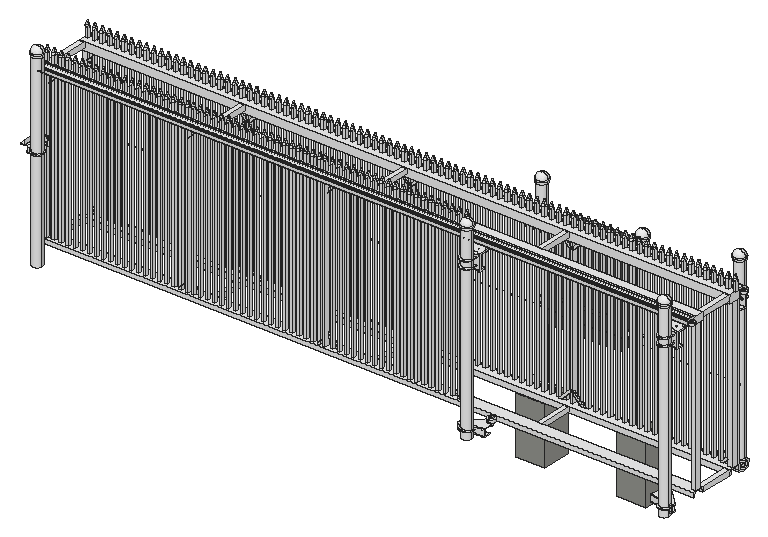
Revit family "Site-Fencing-Tymetal_Corp-Box_Frame_Cantilever_Slide_Gate-Ornamental-TYM-VS2-1", category Site, Revit 2015 (continued)
Definition of nested family "Fence - Picket at Cross"
  Automatic sketch dimensions
    plane 5 to Extrusion 4 sketch curve = 0' - 0.04498"
    Extrusion 4 sketch curve to Extrusion 4 sketch curve = 0' - 0.04592"
    plane 8 to Extrusion 4 sketch curve = 0' - 0 95/256"  (x2)
    plane 8 to Extrusion 4 sketch curve = 0' - 0.09607"
    plane 8 to Extrusion 4 sketch curve = 0' - 0.00005"
    Extrusion 4 sketch curve to plane 4 = 0' - 0 3/8"
    Extrusion 4 sketch curve to Extrusion 4 sketch curve = 0' - 0.08002"
    plane 5 to Extrusion 4 sketch curve = 0' - 0 3/8"
Definition of nested family "Fence - Box Frame"
  Parameters
    Tube Ends Width = 0' - 2"
    Primary Member Width = 2' - 0"
    Drive Chain = yes
    Barb Posts [instance] = Frame Length / 8' 7 249/256"  # 3
    Barb Height = 1' - 3"
    Frame Material = none
    Frame Length [instance] = 30' - 0"
    Frame Height Above Grade = 0' - 5"
    Frame Height = 6' - 6"
    Drive Chain Height = 2' - 10"
    Barb Arms and Wires = yes
  Reference planes (in)
    plane 1 "Center (Front/Back)": y = 0
    plane 2: z = 0
    plane 3 "Center (Left/Right)": x = 131
    plane 4: x = -49
    plane 5: x = 311
    plane 6: y = -1
    plane 7: y = 1
    plane 8: z = 78
    plane 9: z = 5
    plane 10: y = 12
    plane 11: y = -12
    plane 12: z = 39
    plane 13: x = -47
    plane 14: y = 10.4834
    plane 15: y = 8.4834
    plane 16: y = -10.5
    plane 17: y = -8.5
    plane 18: z = 93
    plane 19: x = 309
    plane 20: z = 89.25
    plane 21: z = 85.5
    plane 22: z = 81.75
    plane 23 "Wires": y = 9.4834
    plane 24: y = 7
    plane 25: y = -7
  Forms (in)
    Extrusion 1, solid, material <- "Frame Material"
      sketch origin (0, 0, 0) x (1, 0, 0) y (0, 0, 1)
        loop
          line (-49, 74.8125) -> (-49, 7) -> (-47, 7) -> (-47, 74.8125) -> (-49, 74.8125)
        loop
          line (311, 74.8125) -> (309, 74.8125) -> (309, 7) -> (311, 7) -> (311, 74.8125)
      from -10.4834 to -8.4834
    Extrusion 2, solid, material <- "Frame Material", detail levels coarse
      sketch origin (131, 0, 0) x (0, 1, 0) y (0, 0, 1)
        loop
          line (12, 5) -> (12, 7) -> (7, 7) -> (7, 5) -> (12, 5)
        loop
          line (-12, 7) -> (-12, 5) -> (-7, 5) -> (-7, 7) -> (-12, 7)
        loop
          line (12, 74.8125) -> (12, 78) -> (7, 78) -> (7, 74.8125) -> (12, 74.8125)
        loop
          line (-7, 78) -> (-12, 78) -> (-12, 74.8125) -> (-7, 74.8125) -> (-7, 78)
      from -180 to 180
    Extrusion 3, solid, material <- "Frame Material", detail levels medium+fine
      sketch origin (131, 0, 0) x (0, 1, 0) y (0, 0, 1)
        loop
          line (12, 78) -> (7, 78) -> (7, 74.8125) -> (12, 74.8125) -> (12, 75.718) -> (11.875, 75.718) -> (11.875, 76.156) -> (12, 76.156) -> (12, 78)
        loop
          line (12, 7) -> (7, 7) -> (7, 5) -> (7.20658, 5) -> (7.49397, 6.8125) -> (11.50603, 6.8125) -> (11.79342, 5) -> (12, 5) -> (12, 7)
        loop
          line (-12, 7) -> (-12, 5) -> (-11.79342, 5) -> (-11.50603, 6.8125) -> (-7.49397, 6.8125) -> (-7.20658, 5) -> (-7, 5) -> (-7, 7) -> (-12, 7)
        loop
          line (-12, 78) -> (-12, 76.156) -> (-11.875, 76.156) -> (-11.875, 75.718) -> (-12, 75.718) -> (-12, 74.8125) -> (-7, 74.8125) -> (-7, 78) -> (-12, 78)
      from -180 to 180
    Extrusion 4, solid, material <- "Frame Material"
      sketch origin (0, 0, 0) x (1, 0, 0) y (0, 0, 1)
        loop
          line (309, 74.8125) -> (309, 7) -> (311, 7) -> (311, 74.8125) -> (309, 74.8125)
        loop
          line (-49, 74.8125) -> (-49, 7) -> (-47, 7) -> (-47, 74.8125) -> (-49, 74.8125)
      from 8.5 to 10.5
    Sweep 5, solid, material <- "Frame Material", visible <- "Drive Chain", detail levels medium+fine
      path origin (0, 0, 0) x (1, 0, 0) y (0, 1, 0)
        loop
          line (-48, -10.5) -> (-48, -12.375)
          arc (-48, -12.375) -> (-47.42818, -13.75551) -> (-46.04767, -14.32733) r 1.95233
          line (-46.04767, -14.32733) -> (308.04767, -14.32733)
          arc (308.04767, -14.32733) -> (309.42818, -13.75551) -> (310, -12.375) r 1.95233
          line (310, -12.375) -> (310, -10.5)
      profile origin (131, -14.32733, 0) x (0, 1, 0) y (0, 0, 1)
        loop
          line (0, 39) -> (-0.125, 39) -> (-0.125, 38.93085) -> (0, 38.93085) -> (0, 39)
    Extrusion 6, solid, material <- "Frame Material", detail levels medium+fine
      sketch origin (131, 0, 0) x (0, 1, 0) y (0, 0, 1)
        loop
          line (7, 78) -> (-7, 78) -> (-7, 76) -> (7, 76) -> (7, 78)
        loop
          line (7, 5) -> (7, 7) -> (-7, 7) -> (-7, 5) -> (7, 5)
      from 178 to 180
    Extrusion 7, solid, material <- "Frame Material", detail levels medium+fine
      sketch origin (86, 0, 0) x (0, 1, 0) y (0, 0, -1)
        loop
          line (7, -78) -> (7, -76) -> (-7, -76) -> (-7, -78) -> (7, -78)
        loop
          line (7, -5) -> (-7, -5) -> (-7, -7) -> (7, -7) -> (7, -5)
      from 133 to 135
    Extrusion 8, solid, material <- "Frame Material", visible <- "Barb Arms and Wires", detail levels medium+fine
      sketch origin (131, 0, 0) x (0, 1, 0) y (0, 0, 1)
        loop
          circle (9.4834, 89.25) r 0.25
        loop
          circle (9.4834, 85.5) r 0.25
        loop
          circle (9.4834, 81.75) r 0.25
      from -178 to 178
  Lines and regions (in)
    Masking region 1
      outline origin (0, 0, 0) x (1, 0, 0) y (0, 1, 0)
        loop
          line (311, 12) -> (-49, 12) -> (-49, 7) -> (311, 7) -> (311, 12)
        loop
          line (311, -7) -> (-49, -7) -> (-49, -12) -> (311, -12) -> (311, -7)
    Masking region 2
      outline origin (0, 0, 0) x (1, 0, 0) y (0, 1, 0)
        loop
          line (-49, 7) -> (-49, -7) -> (-47, -7) -> (-47, 7) -> (-49, 7)
        loop
          line (309, 7) -> (309, -7) -> (311, -7) -> (311, 7) -> (309, 7)
    model lines, visible <- "Barb Arms and Wires", detail levels coarse
      curve 1: line (-47, 9.4834, 89.25) -> (309, 9.4834, 89.25)
      curve 2: line (-47, 9.4834, 85.5) -> (309, 9.4834, 85.5)
      curve 3: line (-47, 9.4834, 81.75) -> (309, 9.4834, 81.75)
  Dimensions and locks (in)
    equal spacing: plane 4, plane 3 "Center (Left/Right)", plane 5
    "Frame Length": plane 4 to plane 5
    equal spacing: plane 7, plane 1 "Center (Front/Back)", plane 6
    "Tube Ends Width": plane 7 to plane 6
    "Frame Height Above Grade": plane 9 to level
    "Tube Ends Width": Extrusion 1 sketch curve to plane 4
    "Tube Ends Width": plane 5 to Extrusion 1 sketch curve
    equal spacing: plane 11, plane 1 "Center (Front/Back)", plane 10
    "Primary Member Width": plane 11 to plane 10
    "Drive Chain Height": plane 12 to plane 9
    locked: plane 4 to plane 13 at 2
    plane 10 to plane 14 to plane 15 = 0' - 1.5166" locked, 0' - 2" locked
    plane 17 to plane 16 to plane 11 = 0' - 2" locked, 0' - 1 1/2" locked
    "Frame Height": plane 8 to level
    Sweep 5 sketch curve to Sweep 5 sketch curve to Sweep 5 sketch curve to plane 11 = 0' - 1.95233" locked, 0' - 0" locked, 0' - 0 3/8" locked
    Sweep 5 sketch curve to Sweep 5 sketch curve to plane 5 = 0' - 1.95233" locked, 0' - 1" locked
    plane 4 to Sweep 5 sketch curve to Sweep 5 sketch curve = 0' - 1" locked, 0' - 1.95233" locked
    locked: plane 12 to Sweep 5 sketch curve at 0.06915
    locked: profile plane to Sweep 5 sketch curve at 0.125
    "Barb Height": plane 18 to plane 8
    locked: plane 19 to plane 5 at 2
    locked: plane 8 to Extrusion 3 sketch curve at 3.1875
    Extrusion 3 sketch curve to Extrusion 3 sketch curve to plane 9 = 0' - 0 3/16" locked, 0' - 1 13/16" locked
    locked: Extrusion 2 sketch curve to plane 9 at 2
    locked: plane 8 to Extrusion 6 sketch curve at 2
    locked: plane 8 to Extrusion 7 sketch curve at 2
    equal spacing: plane 18, plane 20, plane 21, plane 22, plane 8
    equal spacing: plane 14, plane 23 "Wires", plane 15
    equal spacing: group 1, group 3, group 2  (x3)
    locked: plane 24 to plane 10 at 5
    locked: plane 11 to plane 25 at 5
    plane 10 to Extrusion 3 sketch curve to Extrusion 3 sketch curve = 0' - 0.20658" locked, 0' - 0.28739" locked
    Extrusion 3 sketch curve to Extrusion 3 sketch curve to plane 24 = 0' - 0.28739" locked, 0' - 0.20658" locked
    plane 25 to Extrusion 3 sketch curve to Extrusion 3 sketch curve = 0' - 0.20658" locked, 0' - 0.28739" locked
    Extrusion 3 sketch curve to Extrusion 3 sketch curve to plane 11 = 0' - 0.28739" locked, 0' - 0.20658" locked
    aligned and locked: plane 9 to Extrusion 2 sketch curve
    aligned and locked: plane 10 to Extrusion 2 sketch curve
    aligned and locked: plane 11 to Extrusion 2 sketch curve
    aligned and locked: plane 10 to Extrusion 3 sketch curve
    aligned and locked: plane 5 to Extrusion 3
    aligned and locked: plane 5 to Extrusion 2
    aligned and locked: plane 4 to nested 1
    aligned and locked: plane 5 to nested 1
    aligned and locked: plane 8 to nested 1
    aligned and locked: plane 10 to nested 1
    aligned and locked: nested 2 to plane 8
    aligned and locked: plane 11 to nested 2
    aligned and locked: nested 2 to plane 4
    aligned and locked: nested 2 to plane 5
    aligned and locked: Extrusion 3 sketch curve to plane 8  (x2)
    aligned and locked: plane 15 to Extrusion 1
    aligned and locked: Extrusion 1 to plane 14
    aligned and locked: Extrusion 4 sketch curve to Extrusion 1  (x8)
    aligned and locked: plane 16 to Extrusion 4
    aligned and locked: Extrusion 4 to plane 17
    aligned and locked: Sweep 5 sketch curve to plane 12
    aligned and locked: Extrusion 3 to plane 4
    aligned and locked: Extrusion 3 sketch curve to Extrusion 3 sketch curve  (x3)
    aligned and locked: Extrusion 3 sketch curve to plane 9  (x4)
    aligned and locked: Extrusion 2 sketch curve to plane 9
    aligned and locked: Extrusion 2 sketch curve to Extrusion 2 sketch curve  (x2)
    aligned and locked: plane 8 to Extrusion 2 sketch curve  (x2)
    aligned and locked: Extrusion 2 to plane 4
    aligned and locked: Extrusion 2 to Extrusion 6 sketch curve  (x3)
    aligned and locked: Extrusion 6 sketch curve to Extrusion 2  (x4)
    aligned and locked: plane 5 to Extrusion 6
    aligned and locked: Extrusion 1 to Extrusion 6
    aligned and locked: Extrusion 7 to plane 4
    aligned and locked: plane 13 to Extrusion 7
    aligned and locked: Extrusion 7 sketch curve to Extrusion 3  (x2)
    aligned and locked: Extrusion 7 sketch curve to plane 9
    aligned and locked: Extrusion 7 sketch curve to plane 8
    aligned and locked: Extrusion 3 to Extrusion 7 sketch curve
    aligned and locked: Masking region 1 sketch curve to plane 10
    aligned and locked: Masking region 1 sketch curve to plane 11
    aligned and locked: Masking region 1 sketch curve to plane 4  (x2)
    aligned and locked: Masking region 1 sketch curve to plane 5  (x2)
    aligned and locked: Extrusion 7 to Masking region 2 sketch curve  (x2)
    aligned and locked: Masking region 2 sketch curve to Extrusion 7
    aligned and locked: Extrusion 6 to Masking region 2 sketch curve  (x2)
    aligned and locked: Masking region 2 sketch curve to Extrusion 6
    aligned and locked: plane 20 to Extrusion 8 sketch curve
    aligned and locked: plane 23 "Wires" to Extrusion 8 sketch curve  (x3)
    aligned and locked: plane 22 to Extrusion 8 sketch curve
    aligned and locked: plane 21 to Extrusion 8 sketch curve
    aligned and locked: Extrusion 8 to plane 13
    aligned and locked: plane 19 to Extrusion 8
    aligned and locked: nested 3 to plane 8
    aligned and locked: nested 3 to plane 23 "Wires"
    aligned and locked: nested 3 to plane 4
    aligned and locked: plane 5 to nested 4  (x2)
    aligned and locked: plane 8 to nested 4
    aligned and locked: nested 4 to plane 23 "Wires"
    aligned and locked: curve 1 to plane 20
    aligned and locked: curve 2 to plane 21
    aligned and locked: curve 3 to plane 22
    aligned and locked: plane 13 to curve 1
    aligned and locked: plane 13 to curve 2
    aligned and locked: plane 13 to curve 3
    aligned and locked: plane 19 to curve 1
    aligned and locked: plane 19 to curve 2
    aligned and locked: plane 19 to curve 3
    aligned and locked: Masking region 2 sketch curve to Extrusion 3  (x2)
    aligned and locked: plane 24 to Masking region 1 sketch curve
    aligned and locked: Masking region 1 sketch curve to plane 25
    aligned and locked: plane 24 to Extrusion 3 sketch curve
    aligned and locked: plane 25 to Extrusion 3 sketch curve
    aligned and locked: Extrusion 3 sketch curve to plane 24
    aligned and locked: Extrusion 3 sketch curve to plane 10
    aligned and locked: Extrusion 3 sketch curve to plane 25
    aligned and locked: Extrusion 3 sketch curve to plane 11
  Automatic sketch dimensions
    Extrusion 2 sketch curve to plane 11 = 0' - 0"
    Extrusion 2 sketch curve to plane 10 = 0' - 0"
    Extrusion 2 sketch curve to plane 17 = 0' - 1 1/2"
    plane 15 to Extrusion 2 sketch curve = 0' - 1.4834"
    Extrusion 2 sketch curve to Extrusion 2 sketch curve = 0' - 3 3/16"
    Extrusion 3 sketch curve to plane 11 = 0' - 0"  (x2)
    Extrusion 3 sketch curve to plane 10 = 0' - 0"
    Extrusion 3 sketch curve to Extrusion 3 sketch curve = 0' - 0 1/8"
    plane 10 to Extrusion 3 sketch curve = 0' - 0 1/8"
    Extrusion 3 sketch curve to Extrusion 3 sketch curve = 0' - 0.9055"  (x2)
    Extrusion 3 sketch curve to Extrusion 3 sketch curve = 0' - 0.438"  (x2)
    plane 16 to Sweep 5 sketch curve = 0' - 0"  (x2)
    Sweep 5 sketch curve to profile plane = 0' - 0"
    Extrusion 2 sketch curve to plane 25 = 0' - 0"
    Extrusion 7 sketch curve to plane 25 = 0' - 0"
    Extrusion 2 sketch curve to plane 24 = 0' - 0"
    Extrusion 7 sketch curve to plane 24 = 0' - 0"
    Extrusion 1 sketch curve to plane 4 = 0' - 0"
    Extrusion 1 sketch curve to plane 5 = 0' - 0"
    plane 9 to Extrusion 1 sketch curve = 0' - 2"  (x2)
    Extrusion 1 sketch curve to plane 8 = 0' - 3 3/16"  (x2)
    radius of Extrusion 8 sketch curve = 0' - 0 1/4"  (x3)
  Nested families (in)
    nested 1: "Fence - Track" at (131, 13.125, 78), type "Fence - Track"
      with Length 30' - 0"
    nested 2: "Fence - Track" at (131, -13.125, 78), type "Fence - Track"
      with Length 30' - 0"
    nested 3: "Fence - Barb Post" at (-48, 9.4834, 78), visible <- "Barb Arms and Wires", type "Fence - Barb Post"
      with Barb Height 1' - 3"
    nested 4: "Fence - Barb Post" at (310, 9.4834, 78), visible <- "Barb Arms and Wires", type "Fence - Barb Post"
      with Barb Height 1' - 3"
    nested 5: "Fence - Barb Post" at (131, 9.4834, 78), visible <- "Barb Arms and Wires", type "Fence - Barb Post"
      with Barb Height 1' - 3"
  Definition of nested family "Fence - Track"
    Parameters
      Track Material = none
      Length [instance] = 2' - 0"
    Reference planes (in)
      plane 1 "Center (Front/Back)": y = 0
      plane 2: z = 0
      plane 3 "Center (Left/Right)": x = 0
      plane 4: z = -3
      plane 5: y = -1.875
      plane 6: y = 1.875
      plane 7: z = 0.3125
      plane 8: z = -1.34375
      plane 9: y = -1.125
      plane 10: z = -1.75
      plane 11: y = 0.375
      plane 12: x = -12
      plane 13: x = 12
    Forms (in)
      Extrusion 1, solid, material <- "Track Material", detail levels coarse
        sketch origin (0, 0, 0) x (0, 1, 0) y (0, 0, 1)
          loop
            line (1.875, 0.3125) -> (-1.875, 0.3125) -> (-1.875, 0) -> (-1.125, 0) -> (-1.125, -3) -> (-0.937, -3) -> (-0.937, -2) -> (-0.3125, -2) -> (-0.3125, -1.75) -> (-0.937, -1.75) -> (-0.937, -0.094) -> (1.563, -0.094) -> (1.563, -1.75) -> (0.9375, -1.75) -> (0.9375, -2) -> (1.875, -2) -> (1.875, 0.3125)
        from -12 to 12
      Extrusion 2, solid, material <- "Track Material", detail levels medium+fine
        sketch origin (0, 0, 0) x (0, 1, 0) y (0, 0, 1)
          loop
            arc (1.875, 0.062) -> (1.83839, 0.15039) -> (1.75, 0.187) r 0.125
            line (1.75, 0.187) -> (1.10832, 0.187) -> (1.03615, 0.312) -> (-1.0272, 0.312) -> (-1.063, 0.25) -> (-1.687, 0.25)
            arc (-1.687, 0.25) -> (-1.81994, 0.19494) -> (-1.875, 0.062) r 0.188
            line (-1.875, 0.062) -> (-1.875, 0) -> (-1.125, 0) -> (-1.125, -0.25) -> (-1.063, -0.312) -> (-1.063, -0.813) -> (-1.125, -0.875) -> (-1.125, -1) -> (-1.063, -1.062) -> (-1.063, -1.438) -> (-1.125, -1.5) -> (-1.125, -1.844) -> (-1.25, -1.844) -> (-1.25, -2.282) -> (-1.125, -2.282) -> (-1.125, -3) -> (-1.062, -3)
            arc (-1.062, -3) -> (-0.97361, -2.96339) -> (-0.937, -2.875) r 0.125
            line (-0.937, -2.875) -> (-0.937, -2.34871)
            arc (-0.937, -2.34871) -> (-0.89692, -2.21293) -> (-0.78952, -2.12069) r 0.25
            line (-0.78952, -2.12069) -> (-0.312, -1.906) -> (-0.312, -1.781) -> (-0.875, -1.781)
            arc (-0.875, -1.781) -> (-0.91884, -1.76284) -> (-0.937, -1.719) r 0.062
            line (-0.937, -1.719) -> (-0.937, -0.156)
            arc (-0.937, -0.156) -> (-0.91884, -0.11216) -> (-0.875, -0.094) r 0.062
            line (-0.875, -0.094) -> (-0.312, -0.094) -> (-0.22193, 0.062) -> (0.84793, 0.062) -> (0.938, -0.094) -> (1.501, -0.094)
            arc (1.501, -0.094) -> (1.54484, -0.11216) -> (1.563, -0.156) r 0.062
            line (1.563, -0.156) -> (1.563, -1.719)
            arc (1.563, -1.719) -> (1.54484, -1.76284) -> (1.501, -1.781) r 0.062
            line (1.501, -1.781) -> (0.938, -1.781) -> (0.938, -1.906) -> (1.313, -2) -> (1.625, -2)
            arc (1.625, -2) -> (1.7098, -1.96684) -> (1.7496, -1.88494) r 0.125
            line (1.7496, -1.88494) -> (1.875, -0.313) -> (1.875, 0.062)
        from -12 to 12
    Lines and regions (in)
      Masking region 1
        outline origin (0, 0, 0) x (1, 0, 0) y (0, 1, 0)
          loop
            line (-12, 1.875) -> (-12, -1.875) -> (12, -1.875) -> (12, 1.875) -> (-12, 1.875)
    Dimensions and locks (in)
      equal spacing: plane 6, plane 1 "Center (Front/Back)", plane 5
      locked: plane 6 to plane 5 at 3.75
      equal spacing: plane 7, plane 8, plane 4
      locked: plane 7 to plane 4 at 3.3125
      locked: plane 7 to level at 0.3125
      locked: plane 9 to plane 5 at 0.75
      locked: plane 10 to plane 4 at 1.25
      equal spacing: plane 6, plane 11, plane 9
      equal spacing: plane 12, plane 3 "Center (Left/Right)", plane 13
      "Length": plane 12 to plane 13
      aligned and locked: plane 6 to Extrusion 1 sketch curve
      aligned and locked: plane 7 to Extrusion 1 sketch curve
      aligned and locked: plane 5 to Extrusion 1 sketch curve
      aligned and locked: level to Extrusion 1 sketch curve
      aligned and locked: plane 9 to Extrusion 1 sketch curve
      aligned and locked: plane 4 to Extrusion 1 sketch curve
      aligned and locked: plane 10 to Extrusion 1 sketch curve
      aligned and locked: plane 13 to Extrusion 2
      aligned and locked: Extrusion 2 to plane 12
      aligned and locked: Extrusion 1 to Extrusion 2  (x2)
      aligned and locked: Masking region 1 sketch curve to Extrusion 1  (x4)
    Automatic sketch dimensions
      Extrusion 1 sketch curve to plane 10 = 0' - 0"
      Extrusion 1 sketch curve to plane 9 = 0' - 0.188"  (x2)
      plane 1 "Center (Front/Back)" to Extrusion 1 sketch curve = 0' - 0 5/16"
      Extrusion 1 sketch curve to plane 11 = 0' - 0 9/16"
      plane 6 to Extrusion 1 sketch curve = 0' - 0.312"
      Extrusion 1 sketch curve to Extrusion 1 sketch curve = 0' - 0 1/4"
      Extrusion 2 sketch curve to level = 0' - 0"
      Extrusion 2 sketch curve to plane 5 = 0' - 0"
      Extrusion 2 sketch curve to plane 9 = 0' - 0"  (x4)
      Extrusion 2 sketch curve to plane 4 = 0' - 0"
      Extrusion 2 sketch curve to plane 6 = 0' - 0"
      level to Extrusion 2 sketch curve = 0' - 0.062"  (x3)
      Extrusion 2 sketch curve to plane 5 = 0' - 0.188"
      Extrusion 2 sketch curve to Extrusion 2 sketch curve = 0' - 0 1/8"  (x3)
      Extrusion 2 sketch curve to plane 9 = 0' - 0.062"  (x3)
      Extrusion 2 sketch curve to plane 9 = 0' - 0.063"
      Extrusion 2 sketch curve to plane 7 = 0' - 0.0005"
      Extrusion 2 sketch curve to Extrusion 2 sketch curve = 0' - 0.0358"
      Extrusion 2 sketch curve to plane 9 = 0' - 0.188"  (x2)
      Extrusion 2 sketch curve to Extrusion 2 sketch curve = 0' - 0.062"  (x7)
      Extrusion 2 sketch curve to Extrusion 2 sketch curve = 0' - 0.14748"
      Extrusion 2 sketch curve to Extrusion 2 sketch curve = 0' - 0 1/4"
      plane 1 "Center (Front/Back)" to Extrusion 2 sketch curve = 0' - 0.312"  (x2)
      Extrusion 2 sketch curve to level = 0' - 0.094"  (x2)
      Extrusion 2 sketch curve to Extrusion 2 sketch curve = 0' - 0.09007"  (x2)
      Extrusion 2 sketch curve to plane 1 "Center (Front/Back)" = 0' - 0.84793"
      Extrusion 2 sketch curve to plane 8 = 0' - 0.43725"
      plane 6 to Extrusion 2 sketch curve = 0' - 0.937"
      Extrusion 2 sketch curve to Extrusion 2 sketch curve = 0' - 0.18822"
      Extrusion 2 sketch curve to Extrusion 2 sketch curve = 0' - 0.07217"
      Extrusion 2 sketch curve to Extrusion 2 sketch curve = 0' - 0 3/8"
      Extrusion 2 sketch curve to level = 0' - 0.156"
      plane 6 to Extrusion 2 sketch curve = 0' - 0.374"
      plane 6 to Extrusion 2 sketch curve = 0' - 0 1/4"
      Extrusion 2 sketch curve to Extrusion 2 sketch curve = 0' - 0.1246"
      plane 6 to Extrusion 2 sketch curve = 0' - 0 1/8"
      Extrusion 2 sketch curve to Extrusion 2 sketch curve = 0' - 0.52629"
      Extrusion 2 sketch curve to Extrusion 2 sketch curve = 0' - 0.06671"
      Extrusion 2 sketch curve to Extrusion 2 sketch curve = 0' - 0.219"
      Extrusion 2 sketch curve to Extrusion 2 sketch curve = 0' - 0.21469"
      Extrusion 2 sketch curve to Extrusion 2 sketch curve = 0' - 0.11506"
      Extrusion 2 sketch curve to Extrusion 2 sketch curve = 0' - 0.27669"
      Extrusion 2 sketch curve to Extrusion 2 sketch curve = 0' - 0.063"
      Extrusion 2 sketch curve to plane 8 = 0' - 0 5/32"
      plane 8 to Extrusion 2 sketch curve = 0' - 0.28175"
      Extrusion 2 sketch curve to level = 0' - 0.313"
      Extrusion 2 sketch curve to Extrusion 2 sketch curve = 0' - 0.156"
      Extrusion 1 sketch curve to level = 0' - 0.094"
      Extrusion 1 sketch curve to plane 10 = 0' - 0 1/4"
  Definition of nested family "Fence - Barb Post"
    Parameters
      Finish = none
      Barb Height = 1' - 2.1147"
    Reference planes (in)
      plane 1 "Center (Front/Back)": y = 0
      plane 2: z = 0
      plane 3 "Center (Left/Right)": x = 0
      plane 4: z = 14.1147
    Forms (in)
      Extrusion 1, solid, material <- "Finish"
        sketch origin (0, 0, 0) x (1, 0, 0) y (0, 1, 0)
          loop
            line (-1, 1) -> (-1, -1) -> (1, -1) -> (1, 1) -> (-1, 1)
        from 0 to 14.1147
    Lines and regions (in)
      Masking region 1
        outline origin (0, 0, 0) x (1, 0, 0) y (0, 1, 0)
          loop
            line (1, 1) -> (-1, 1) -> (-1, -1) -> (1, -1) -> (1, 1)
    Dimensions and locks (in)
      Extrusion 1 sketch curve to plane 1 "Center (Front/Back)" to Extrusion 1 sketch curve = 0' - 1" locked, 0' - 1" locked
      Extrusion 1 sketch curve to plane 3 "Center (Left/Right)" to Extrusion 1 sketch curve = 0' - 1" locked, 0' - 1" locked
      "Barb Height": plane 4 to level
      aligned and locked: Masking region 1 sketch curve to Extrusion 1  (x4)
      aligned and locked: plane 4 to Extrusion 1
      aligned and locked: Extrusion 1 to level
Definition of nested family "Site-Fencing-Tymetal_Corp-Gate_Operator-TYM-VS2-1"
  Parameters
    URL = "http://www.tymetal.com/"
    Product Page URL = "http://www.tymetal.com/resources/downloads-tym-vs21b-box-frame-gate-system/"
    Product Documentation Link = "http://www.tymetal.com/wp-content/uploads/2013/05/TYM-VS2-Operator.pdf"
    Post Material = none
    Post Height = 7' - 5 1/16"
    Pad Material = none
    Operator Width = 2' - 6"  # constant formula
    Operator Pad Width = 1' - 0"  # constant formula
    Operator Pad Minimum Depth = if(Operator Pad Depth < 2' 0", 2' 0", Operator Pad Depth)  # 2' - 0"
    Operator Pad Length = 1' - 0"  # constant formula
    Operator Pad Depth = 2' - 0"  # constant formula
    Operator Overall Height = 2' - 11 249/256"  # constant formula
    Operator Material = none
    Operator Length = 1' - 0"  # constant formula
    Model = "TYM VS2-1"
    Maximum Cycles = "Continuous Duty"  # constant formula
    Manufacturer = "Tymetal Corp."  # constant formula
    Gate Weight (Max) = "2500"
    Gate Speed = "2 ft / sec"  # constant formula
    Gate Opening (Max) = "60 ft"
    Drive Type = "#50 Chain"  # constant formula
    Description = "Slide Gate Operator"  # constant formula
    Post Radius = 0' - 2"  # constant formula
    Chain Height = 2' - 10 1/2"
    Below Ground Depth = 1' - 6"  # constant formula
    Assembly Code = "G2040100"
  Reference planes (in)
    plane 1 "Center (Front/Back)": y = 0
    plane 2: z = 0
    plane 3 "Center (Left/Right)": x = 0
    plane 4: x = -6
    plane 5 "Pad Right": x = 6
    plane 6 "Operator Pad Back": y = 6
    plane 7 "Operator Pad Front": y = -6
    plane 8: z = -24
    plane 9: z = 0
    plane 10: y = 0
    plane 11: z = -18
    plane 12: x = 2
    plane 13: x = 41.7186
    plane 14: x = 35.7186
    plane 15: x = 47.7186
    plane 16: z = 29
    plane 17: z = 64.97266
    plane 18: x = 20.8593
    plane 19: x = 5.8593
    plane 20: x = 35.8593
    plane 21: y = -4.1291
    plane 22: y = 7.8709
    plane 23: x = 12.1093
    plane 24: x = 29.6093
    plane 25: y = -7.3166
    plane 26: z = 34.5
    plane 27: z = 63.97646
    plane 28: z = 36.4685
  Forms (in)
    Extrusion 1, solid, material <- "Pad Material"
      sketch origin (0, 0, 0) x (1, 0, 0) y (0, 1, 0)
        loop
          line (-6, 6) -> (-6, -6) -> (6, -6) -> (6, 6) -> (-6, 6)
        loop
          line (35.7186, 6) -> (35.7186, -6) -> (47.7186, -6) -> (47.7186, 6) -> (35.7186, 6)
      from -24 to 0
    Extrusion 2, void
      sketch origin (-34.04501, -180, 38.25) x (0, -1, 0) y (-1, 0, 0)
        loop
          circle (-180, -34.04501) r 2
        loop
          circle (-180, -75.76361) r 2
      from 38.25 to 56.25
    Extrusion 3, solid, material <- "Operator Material"
      sketch origin (0, 0, 0) x (1, 0, 0) y (0, 0, 1)
        loop
          line (5.8593, 64.97266) -> (5.8593, 29) -> (35.8593, 29) -> (35.8593, 64.97266) -> (5.8593, 64.97266)
      from -7.8709 to 4.1291
    Extrusion 4, solid, material <- "Operator Material"
      sketch origin (0, 0, 0) x (0, 1, 0) y (0, 0, 1)
        loop
          line (-4.1291, 40.75) -> (-6.6291, 40.75) -> (-6.6291, 35.5) -> (-6.5666, 35.5) -> (-6.5666, 40.6875) -> (-4.1291, 40.6875) -> (-4.1291, 40.75)
      from 12.1093 to 29.6093
  Cuts and joins
    Extrusion 2 cuts Extrusion 1
    joined: Extrusion 3, Extrusion 4
  Lines and regions (in)
    Masking region 1
      outline origin (0, 0, 0) x (1, 0, 0) y (0, 1, 0)
        loop
          line (6, 6) -> (-6, 6) -> (-6, -6) -> (6, -6) -> (6, 6)
        loop
          line (47.7186, 6) -> (35.7186, 6) -> (35.7186, -6) -> (47.7186, -6) -> (47.7186, 6)
    Masking region 2
      outline origin (0, 0, 0) x (1, 0, 0) y (0, 1, 0)
        loop
          line (35.8593, 7.8709) -> (5.8593, 7.8709) -> (5.8593, -4.1291) -> (12.1093, -4.1291) -> (12.1093, -6.6291) -> (29.6093, -6.6291) -> (29.6093, -4.1291) -> (35.8593, -4.1291) -> (35.8593, 7.8709)
    symbolic lines, detail levels medium+fine
      curve 1: line (12.1093, -4.1291, 0) -> (29.6093, -4.1291, 0)
  Dimensions and locks (in)
    equal spacing: plane 4, plane 3 "Center (Left/Right)", plane 5 "Pad Right"
    "Operator Pad Length": plane 4 to plane 5 "Pad Right"
    equal spacing: plane 6 "Operator Pad Back", plane 1 "Center (Front/Back)", plane 7 "Operator Pad Front"
    "Operator Pad Width": plane 6 "Operator Pad Back" to plane 7 "Operator Pad Front"
    "Operator Pad Minimum Depth": level to plane 8
    locked: plane 9 to level
    locked: level to plane 11 at 18
    plane 13 to plane 12 = 3' - 3.7186"
    plane 12 to plane 13 = 3' - 3.7186"
    equal spacing: plane 14, plane 13, plane 15
    "Operator Pad Length": plane 14 to plane 15
    "Operator Overall Height": plane 17 to plane 16
    plane 13 to plane 18 to plane 3 "Center (Left/Right)" = 1' - 8.8593", 1' - 8.8593"
    equal spacing: plane 20, plane 18, plane 19
    "Operator Width": plane 20 to plane 19
    locked: plane 10 to plane 21 at 4.1291
    "Operator Length": plane 22 to plane 21
    Extrusion 4 sketch curve to Extrusion 4 sketch curve to plane 21 = 0' - 0 1/16" locked, 0' - 2 7/16" locked
    Extrusion 4 sketch curve to Extrusion 4 sketch curve to Extrusion 4 sketch curve to plane 16 = 0' - 0 1/16" locked, 0' - 5 3/16" locked, 0' - 6 1/2" locked
    equal spacing: plane 23, plane 18, plane 24
    locked: plane 21 to plane 25 at 3.1875
    "Chain Height": plane 26 to level
    locked: plane 26 to plane 16 at 5.5
    locked: plane 17 to plane 27 at 0.9962
    locked: plane 28 to plane 16 at 7.4685
    locked: plane 23 to plane 24 at 17.5
    plane 13 to plane 3 "Center (Left/Right)" = 3' - 5.7186"
    "Post Radius": radius of Extrusion 2 sketch curve  (x2)
    aligned and locked: Extrusion 1 sketch curve to plane 6 "Operator Pad Back"  (x2)
    aligned and locked: plane 4 to Extrusion 1 sketch curve
    aligned and locked: plane 7 "Operator Pad Front" to Extrusion 1 sketch curve
    aligned and locked: Extrusion 1 sketch curve to plane 5 "Pad Right"
    aligned and locked: plane 9 to Extrusion 1
    aligned and locked: Extrusion 1 to plane 8
    aligned and locked: plane 3 "Center (Left/Right)" to Extrusion 2 sketch curve
    aligned and locked: plane 10 to Extrusion 2 sketch curve
    aligned and locked: plane 9 to Extrusion 2
    aligned and locked: plane 10 to plane 1 "Center (Front/Back)"
    aligned and locked: Extrusion 2 to plane 11
    aligned and locked: plane 3 "Center (Left/Right)" to nested 1
    aligned and locked: nested 1 to plane 10
    aligned and locked: Extrusion 1 sketch curve to plane 14
    aligned and locked: Extrusion 1 sketch curve to plane 7 "Operator Pad Front"
    aligned and locked: Extrusion 1 sketch curve to plane 15
    aligned and locked: plane 1 "Center (Front/Back)" to nested 2
    aligned and locked: Extrusion 3 sketch curve to plane 19
    aligned and locked: Extrusion 3 sketch curve to plane 17
    aligned and locked: Extrusion 3 sketch curve to plane 20
    aligned and locked: Extrusion 3 sketch curve to plane 16
    aligned and locked: plane 22 to Extrusion 3
    aligned and locked: Extrusion 3 to plane 21
    aligned and locked: plane 21 to Extrusion 4 sketch curve
    aligned and locked: Extrusion 4 to plane 23
    aligned and locked: Extrusion 4 to plane 24
    aligned and locked: Masking region 1 sketch curve to cut or joined group of Extrusion 1, Extrusion 2  (x8)
    aligned and locked: Masking region 2 sketch curve to cut or joined group of Extrusion 3, Extrusion 4  (x6)
    aligned and locked: cut or joined group of Extrusion 3, Extrusion 4 to Masking region 2 sketch curve
    aligned and locked: cut or joined group of Extrusion 3, Extrusion 4 to curve 1
    aligned and locked: nested 6 to plane 13
    aligned and locked: nested 6 to plane 1 "Center (Front/Back)"
    aligned and locked: nested 4 to plane 13
    aligned and locked: nested 4 to plane 1 "Center (Front/Back)"
    aligned and locked: nested 5 to plane 10
    aligned and locked: nested 3 to plane 10
    aligned and locked: plane 3 "Center (Left/Right)" to nested 5
    aligned and locked: plane 3 "Center (Left/Right)" to nested 3
    aligned and locked: plane 28 to nested 5
    aligned and locked: plane 28 to nested 4
    aligned and locked: plane 27 to nested 3
    aligned and locked: plane 27 to nested 6
    aligned and locked: plane 24 to curve 1
    aligned and locked: plane 23 to curve 1
  Automatic sketch dimensions
    Masking region 2 sketch curve to plane 21 = 0' - 0"
    curve 1 to plane 21 = 0' - 0"
    plane 1 "Center (Front/Back)" to Extrusion 2 sketch curve = 0' - 0"
    Extrusion 2 sketch curve to plane 13 = 0' - 0"
  Nested families (in)
    nested 1: "Fence - Post" at (0, 0, 0), type "Fence - Post"
      with Post Height 7' - 5 1/16"
    nested 2: "Fence - Post" at (41.7186, 0, 0), type "Fence - Post Standard"
    nested 3: "Fence - Operator Support" at (0, 0, 63.97646), type "Fence - Operator Support"
    nested 4: "Fence - Operator Support" at (41.7186, 0, 36.4685) x (-1, 0, 0) z (0, 0, 1), type "Fence - Operator Support"
    nested 5: "Fence - Operator Support" at (0, 0, 36.4685), type "Fence - Operator Support"
    nested 6: "Fence - Operator Support" at (41.7186, 0, 63.97646) x (-1, 0, 0) z (0, 0, 1), type "Fence - Operator Support"
  Definition of nested family "Fence - Post"
    Parameters
      Post Radius = Post Diameter / 2  # 0' - 2"
      Post Material = none
      Post Height = 5' - 11 1/2"
      Post Diameter = 0' - 4"
      Cap Radius = Post Radius + 0' 0 1/4"  # 0' - 2 1/4"
    Reference planes (in)
      plane 1 "Center (Front/Back)": y = 0
      plane 2: z = 0
      plane 3 "Center (Left/Right)": x = 0
      plane 4: z = 75
      plane 5 "Post Right": x = 2
      plane 6 "Post Left": x = -2
      plane 7 "Post Front": y = 2
      plane 8 "Post Back": y = -2
      plane 9: z = 71.5
      plane 10: x = -2.25
      plane 11: x = -2.49863
      plane 12: z = 75
    Forms (in)
      Revolve 1, solid, material <- "Post Material", detail levels coarse
        sketch origin (0, 0, 0) x (1, 0, 0) y (0, 0, 1)
          loop
            line (-2, 0) -> (0, 0) -> (0, 75) -> (-2, 75) -> (-2, 0)
          axis (0, 75) -> (0, 0)
        angle from 0 to 360
      Revolve 2, solid, material <- "Post Material", detail levels medium+fine
        sketch origin (0, 0, 2.5) x (1, 0, 0) y (0, 0, 1)
          loop
            line (-2, -2.5) -> (0, -2.5) -> (0, 72.5)
            arc (0, 72.5) -> (-1.59099, 71.84099) -> (-2.25, 70.25) r 2.25
            line (-2.25, 70.25) -> (-2.49863, 70.25) -> (-2.49863, 70) -> (-2.25, 70) -> (-2.25, 69) -> (-2, 69) -> (-2, -2.5)
          axis (0, 72.5) -> (0, -2.5)
        angle from 0 to 360
    Lines and regions (in)
      Masking region 1
        outline origin (0, 0, 0) x (1, 0, 0) y (0, 1, 0)
          loop
            circle (0, 0) r 2
    Dimensions and locks (in)
      "Post Height": plane 9 to plane 2
      "Post Radius": plane 3 "Center (Left/Right)" to Revolve 1 sketch curve
      equal spacing: plane 6 "Post Left", plane 3 "Center (Left/Right)", plane 5 "Post Right"
      "Post Diameter": plane 6 "Post Left" to plane 5 "Post Right"
      "Post Diameter": plane 8 "Post Back" to plane 7 "Post Front"
      equal spacing: plane 8 "Post Back", plane 1 "Center (Front/Back)", plane 7 "Post Front"
      Revolve 2 sketch curve to Revolve 2 sketch curve to Revolve 2 sketch curve = 0' - 0 1/4" locked, 0' - 1" locked
      plane 11 to plane 10 to plane 6 "Post Left" = 0' - 0.24863" locked, 0' - 0 1/4" locked
      "Post Radius": radius of Masking region 1 sketch curve
      aligned and locked: Revolve 1 sketch curve to plane 3 "Center (Left/Right)"  (x2)
      aligned and locked: Revolve 1 sketch curve to level
      aligned and locked: Revolve 2 sketch curve to plane 3 "Center (Left/Right)"  (x2)
      aligned and locked: Revolve 2 sketch curve to level
      aligned and locked: plane 3 "Center (Left/Right)" to Masking region 1 sketch curve
      aligned and locked: plane 1 "Center (Front/Back)" to Masking region 1 sketch curve
      aligned and locked: plane 9 to Revolve 2
      aligned and locked: plane 9 to Revolve 2 sketch curve
      aligned and locked: plane 6 "Post Left" to Revolve 2 sketch curve
      aligned and locked: Revolve 2 sketch curve to plane 10
      aligned and locked: plane 11 to Revolve 2 sketch curve
      aligned and locked: plane 10 to Revolve 2 sketch curve
      aligned and locked: plane 12 to plane 4
      aligned and locked: plane 12 to Revolve 2 sketch curve
    Automatic sketch dimensions
      Revolve 2 sketch curve to Revolve 2 sketch curve = 2' - 0 1/2"
      plane 4 to Revolve 2 sketch curve = 3' - 9.60702"
      Revolve 1 sketch curve to plane 4 = 0' - 0"
      Revolve 1 sketch curve to Revolve 1 sketch curve = 2' - 0"
      Revolve 1 sketch curve to Revolve 1 sketch curve = 3' - 10.10599"
  Definition of nested family "Fence - Operator Support"
    Parameters
      Finish = none
    Reference planes (in)
      plane 1 "Center (Front/Back)": y = 0
      plane 2: z = 0
      plane 3 "Center (Left/Right)": x = 0
      plane 4: y = 3.5
      plane 5: y = -3.5
    Forms (in)
      Sweep 1, solid, material <- "Finish"
        path origin (0, 0, 0) x (1, 0, 0) y (0, 1, 0)
          loop
            line (1.6093, 2.21875) -> (0, 2.21875)
            arc (0, 2.21875) -> (-2.21875, 0) -> (0, -2.21875) r 2.21875
            line (0, -2.21875) -> (1.6093, -2.21875)
        profile origin (0.80465, 2.21875, 0) x (0, -1, 0) y (0, 0, 1)
          loop
            circle (0, 0) r 0.25
      Extrusion 2, solid, material <- "Finish"
        sketch origin (0, 0, 0) x (1, 0, 0) y (0, 0, 1)
          loop
            arc (1.6093, -1.125) -> (1.71913, -1.39017) -> (1.9843, -1.5) r 0.375
            line (1.9843, -1.5) -> (2.8593, -1.5) -> (2.8593, -1.75) -> (5.6093, -1.75) -> (5.6093, -4.5) -> (5.8593, -4.5) -> (5.8593, -1.5) -> (4.9843, -1.5) -> (4.9843, -1.125) -> (1.9843, -1.125) -> (1.9843, 1.125) -> (2.9843, 1.125) -> (2.9843, 1.5) -> (1.9843, 1.5)
            arc (1.9843, 1.5) -> (1.71913, 1.39017) -> (1.6093, 1.125) r 0.375
            line (1.6093, 1.125) -> (1.6093, -1.125)
        from -3.5 to 3.5
      Extrusion 3, void
        sketch origin (0, 0, 0) x (1, 0, 0) y (0, 1, 0)
          loop
            line (1.22925, 1.00602) -> (1.22925, -1.00602) -> (1.9843, -1.00602) -> (1.9843, 1.00602) -> (1.22925, 1.00602)
        from -6.31513 to 6.31513
    Cuts and joins
      Extrusion 3 cuts Extrusion 2
    Lines and regions (in)
      Masking region 1
        outline origin (0, 0, 0) x (1, 0, 0) y (0, 1, 0)
          loop
            line (5.8593, 3.5) -> (1.6093, 3.5) -> (1.6093, 2.46875) -> (0, 2.46875)
            arc (0, 2.46875) -> (-2.46875, 0) -> (0, -2.46875) r 2.46875
            line (0, -2.46875) -> (1.6093, -2.46875) -> (1.6093, -3.5) -> (5.8593, -3.5) -> (5.8593, 3.5)
          loop
            line (1.6093, -1.96875) -> (1.6093, -1.00602) -> (1.9843, -1.00602) -> (1.9843, 1.00602) -> (1.6093, 1.00602) -> (1.6093, 1.96875) -> (0, 1.96875)
            arc (0, 1.96875) -> (-1.96875, 0) -> (0, -1.96875) r 1.96875
            line (0, -1.96875) -> (1.6093, -1.96875)
    Dimensions and locks (in)
      equal spacing: Sweep 1 sketch curve, plane 1 "Center (Front/Back)", Sweep 1 sketch curve
      locked: Sweep 1 sketch curve to plane 3 "Center (Left/Right)" at 2.21875
      plane 3 "Center (Left/Right)" to Sweep 1 sketch curve to Sweep 1 sketch curve = 0' - 1.6093" locked, 0' - 0" locked
      Sweep 1 sketch curve to profile plane to Sweep 1 sketch curve = 0' - 0 1/4" locked, 0' - 0 1/4" locked
      locked: profile plane to Sweep 1 sketch curve at 0.25
      Extrusion 2 sketch curve to Extrusion 2 sketch curve to Extrusion 2 sketch curve to level to Extrusion 2 sketch curve to Extrusion 2 sketch curve to Extrusion 2 sketch curve to Extrusion 2 sketch curve to Extrusion 2 sketch curve to Extrusion 2 sketch curve = 0' - 0 3/8" locked, 0' - 0" locked, 0' - 1 1/8" locked, 0' - 1 1/8" locked, 0' - 0" locked, 0' - 0 3/8" locked, 0' - 0" locked, 0' - 0 1/4" locked, 0' - 2 3/4" locked
      Extrusion 2 sketch curve to Extrusion 2 sketch curve to Extrusion 2 sketch curve to Extrusion 2 sketch curve to Extrusion 2 sketch curve to Extrusion 2 sketch curve to Extrusion 2 sketch curve to Extrusion 2 sketch curve to Extrusion 2 sketch curve to plane 3 "Center (Left/Right)" = 0' - 0 1/4" locked, 0' - 0 5/8" locked, 0' - 2" locked, 0' - 0 1/8" locked, 0' - 0 7/8" locked, 0' - 0" locked, 0' - 0" locked, 0' - 0 3/8" locked, 0' - 1.6093" locked
      equal spacing: plane 4, plane 1 "Center (Front/Back)", plane 5
      locked: plane 4 to plane 5 at 7
      equal spacing: Extrusion 3 sketch curve, plane 1 "Center (Front/Back)", Extrusion 3 sketch curve, locked at 1.00602 each
      plane 3 "Center (Left/Right)" to Extrusion 3 sketch curve to Extrusion 3 sketch curve = 0' - 1.22925" locked, 0' - 0.75505" locked
      equal spacing: Extrusion 3, level, Extrusion 3, locked at 6.31513 each
      aligned and locked: plane 2 to level
      aligned and locked: plane 4 to Extrusion 2
      aligned and locked: Extrusion 2 to plane 5
      aligned and locked: Masking region 1 sketch curve to cut or joined group of Extrusion 2, Extrusion 3  (x3)
    Automatic sketch dimensions
      Sweep 1 sketch curve to plane 3 "Center (Left/Right)" = 0' - 0"
      plane 1 "Center (Front/Back)" to Extrusion 3 sketch curve = 0' - 1.00602"
      Masking region 1 sketch curve to Masking region 1 sketch curve = 0' - 0"  (x4)
      Masking region 1 sketch curve to plane 3 "Center (Left/Right)" = 0' - 0"
      plane 1 "Center (Front/Back)" to Masking region 1 sketch curve = 0' - 0"
      Masking region 1 sketch curve to Masking region 1 sketch curve = 0' - 1.6093"  (x2)
      Masking region 1 sketch curve to Masking region 1 sketch curve = 0' - 0 3/8"
      Masking region 1 sketch curve to Masking region 1 sketch curve = 0' - 1 1/32"
      plane 1 "Center (Front/Back)" to Masking region 1 sketch curve = 0' - 1.00602"
      Masking region 1 sketch curve to plane 1 "Center (Front/Back)" = 0' - 1.00602"
      Masking region 1 sketch curve to Masking region 1 sketch curve = 0' - 0 1/2"
Definition of nested family "Fence - Catch Assembly"
  Parameters
    Post Attachment Extension = 0' - 2"
    Gate Open Distance = 0' - 0"
    Catch Location = 0' - 0 3/4"
    Catch Assembly Location from Post = 0' - 2 3/8"
    Catch Assembly Finish = none
  Reference planes (in)
    plane 1 "Center (Front/Back)": y = 0
    plane 2: z = 0
    plane 3 "Center (Left/Right)": x = 0
    plane 4: through (1.76777, 1.76777, 48) normal (0.7071, -0.7071, 0)
  Dimensions and locks (in)
    "Catch Assembly Location from Post": nested 1 to plane 4
    locked: nested 3 to level at 1.375
    "Catch Location": nested 5 to nested 4
    "Gate Open Distance": nested 3 to nested 4
    locked: plane 3 "Center (Left/Right)" to nested 2 (angle 45.00°)
    locked: nested 2 to plane 1 "Center (Front/Back)" (angle 45.00°)
    aligned and locked: level to nested 2
    aligned and locked: nested 3 to nested 4
    aligned and locked: nested 5 to nested 1  (x2)
    aligned and locked: nested 4 to nested 3
  Nested families (in)
    nested 1: "Fence - Catch Plate" at (0, 0, 0), type "Fence - Assembly"
      with Post Radius 0' - 2 3/8"
    nested 2: "Fence - Post Bracket" at (0, 0, 0) x (-0.7071, -0.7071, 0) z (0, 0, 1), type "Fence - Post Bracket"
      with Extension Length 0' - 2"
    nested 3: "Fence - Assembly Latch" at (0.08073, -7.15212, 0), type "Fence - Assembly Latch"
    nested 4: "Fence - Catch" at (0.08073, -7.15212, 1.375), type "Fence - Catch"
    nested 5: "Fence - L Bracket" at (5.15273, -3.77712, 1.375), type "Fence - L Bracket"
  Definition of nested family "Fence - Catch Plate"
    Parameters
      Post Radius = 0' - 2"
      Catch Assembly Finish = none
    Reference planes (in)
      plane 1 "Center (Front/Back)": y = 0
      plane 2: z = 0
      plane 3 "Center (Left/Right)": x = 0
      plane 4: z = 1.375
      plane 5: z = -1.375
      plane 6: through (0.83969, -2.51907, 48) normal (0.7071, -0.7071, 0)
      plane 7: x = 2
      plane 8: y = 0.05806
      plane 9: y = -4.39262
      plane 10: y = -2.16728
      plane 11: y = -0.91728
      plane 12: y = -3.41728
      plane 13: x = 4.15273
    Forms (in)
      Extrusion 1, solid, material <- "Catch Assembly Finish", detail levels medium+fine
        sketch origin (0, 0, 0) x (1, 0, 0) y (0, 1, 0)
          loop
            line (0.35709, -4.39262) -> (5.66039, -4.39262) -> (6.16039, -3.89262) -> (6.16039, -0.44194) -> (5.66039, 0.05806) -> (4.39169, 0.05806)
            arc (4.39169, 0.05806) -> (4.20035, 0.09612) -> (4.03814, 0.2045) r 0.5
            line (4.03814, 0.2045) -> (3.8007, 0.44194) -> (2.51907, -0.83969) -> (2.34229, -0.66291)
            arc (2.34229, -0.66291) -> (2.41551, -0.83969) -> (2.34229, -1.01647) r 0.25
            line (2.34229, -1.01647) -> (1.01647, -2.34229)
            arc (1.01647, -2.34229) -> (0.83969, -2.41551) -> (0.66291, -2.34229) r 0.25
            line (0.66291, -2.34229) -> (0.83969, -2.51907) -> (-0.44194, -3.8007) -> (0.00354, -4.24618)
            arc (0.00354, -4.24618) -> (0.16575, -4.35456) -> (0.35709, -4.39262) r 0.5
        from 1.125 to 1.375
      Extrusion 2, solid, material <- "Catch Assembly Finish", detail levels medium+fine
        sketch origin (-1.76777, 1.76777, 0) x (0.707107, -0.707107, 0) y (0, 0, 1)
          loop
            line (4.125, 1) -> (4.125, -1)
            arc (4.125, -1) -> (4.23483, -1.26517) -> (4.5, -1.375) r 0.375
            line (4.5, -1.375) -> (4.87304, -1.375) -> (4.87304, -1.125) -> (4.5, -1.125)
            arc (4.5, -1.125) -> (4.41161, -1.08839) -> (4.375, -1) r 0.125
            line (4.375, -1) -> (4.375, 1)
            arc (4.375, 1) -> (4.41161, 1.08839) -> (4.5, 1.125) r 0.125
            line (4.5, 1.125) -> (4.875, 1.125) -> (4.875, 1.375) -> (4.5, 1.375)
            arc (4.5, 1.375) -> (4.23483, 1.26517) -> (4.125, 1) r 0.375
        from 1.1875 to 3
      Extrusion 3, solid, material <- "Catch Assembly Finish", detail levels medium+fine
        sketch origin (-1.76777, 1.76777, 0) x (0.707107, -0.707107, 0) y (0, 0, -1)
          loop
            arc (4.125, -1) -> (4.23483, -1.26517) -> (4.5, -1.375) r 0.375
            line (4.5, -1.375) -> (4.875, -1.375) -> (4.875, -1.125) -> (4.5, -1.125)
            arc (4.5, -1.125) -> (4.41161, -1.08839) -> (4.375, -1) r 0.125
            line (4.375, -1) -> (4.375, 1)
            arc (4.375, 1) -> (4.41161, 1.08839) -> (4.5, 1.125) r 0.125
            line (4.5, 1.125) -> (4.8803, 1.125) -> (4.8803, 1.375) -> (4.5, 1.375)
            arc (4.5, 1.375) -> (4.23483, 1.26517) -> (4.125, 1) r 0.375
            line (4.125, 1) -> (4.125, -1)
        from 1.1875 to 3
      Extrusion 4, solid, material <- "Catch Assembly Finish", detail levels medium+fine
        sketch origin (0, 0, 0) x (1, 0, 0) y (0, 1, 0)
          loop
            line (-0.2192, -4.02344) -> (0.22627, -4.02344) -> (4.02344, -0.22627) -> (4.02344, 0.2192) -> (3.8007, 0.44194) -> (2.51907, -0.83969) -> (2.34229, -0.66291)
            arc (2.34229, -0.66291) -> (2.41551, -0.83969) -> (2.34229, -1.01647) r 0.25
            line (2.34229, -1.01647) -> (1.01647, -2.34229)
            arc (1.01647, -2.34229) -> (0.83969, -2.41551) -> (0.66291, -2.34229) r 0.25
            line (0.66291, -2.34229) -> (0.83969, -2.51907) -> (-0.44194, -3.8007) -> (-0.2192, -4.02344)
        from -1.375 to -1.125
    Cuts and joins
      joined: Extrusion 1, Extrusion 2, Extrusion 3, Extrusion 4
    Lines and regions (in)
      Masking region 1, detail levels coarse
        outline origin (0, 0, 0) x (1, 0, 0) y (0, 1, 0)
          loop
            line (3.27037, 0.97227) -> (-0.97227, -3.27037) -> (0.14998, -4.39262) -> (6.16039, -4.39262) -> (6.16039, 0.05806) -> (4.18458, 0.05806) -> (3.27037, 0.97227)
      Masking region 2, detail levels medium+fine
        outline origin (0, 0, 0) x (1, 0, 0) y (0, 1, 0)
          loop
            line (0.35709, -4.39262) -> (5.66039, -4.39262) -> (6.16039, -3.89262) -> (6.16039, -0.44194) -> (5.66039, 0.05806) -> (4.39169, 0.05806)
            arc (4.39169, 0.05806) -> (4.20035, 0.09612) -> (4.03814, 0.2045) r 0.5
            line (4.03814, 0.2045) -> (3.27037, 0.97227) -> (1.98874, -0.30936) -> (2.34251, -0.66313)
            arc (2.34251, -0.66313) -> (2.41551, -0.83984) -> (2.34229, -1.01647) r 0.25
            line (2.34229, -1.01647) -> (1.01647, -2.34229)
            arc (1.01647, -2.34229) -> (0.83984, -2.41551) -> (0.66313, -2.34251) r 0.25
            line (0.66313, -2.34251) -> (0.30936, -1.98874) -> (-0.97227, -3.27037) -> (0.00354, -4.24618)
            arc (0.00354, -4.24618) -> (0.16575, -4.35456) -> (0.35709, -4.39262) r 0.5
    Dimensions and locks (in)
      equal spacing: plane 4, level, plane 5
      locked: plane 4 to plane 5 at 2.75
      "Post Radius": plane 3 "Center (Left/Right)" to plane 7
      equal spacing: plane 8, plane 10, plane 9
      aligned and locked: Extrusion 2 to Extrusion 1
      aligned and locked: Extrusion 4 to plane 5
      aligned and locked: Extrusion 4 to cut or joined group of Extrusion 1, Extrusion 2, Extrusion 3, Extrusion 4
    Automatic sketch dimensions
      plane 3 "Center (Left/Right)" to Extrusion 1 sketch curve = 0' - 0.35709"
      plane 3 "Center (Left/Right)" to Extrusion 1 sketch curve = 0' - 0.83969"
      Extrusion 1 sketch curve to Extrusion 1 sketch curve = 0' - 0"  (x10)
      plane 1 "Center (Front/Back)" to Extrusion 1 sketch curve = 0' - 0.83969"  (x2)
      Extrusion 1 sketch curve to Extrusion 1 sketch curve = 0' - 1.32583"
      plane 1 "Center (Front/Back)" to Extrusion 1 sketch curve = 0' - 1.01647"
      Extrusion 1 sketch curve to plane 1 "Center (Front/Back)" = 0' - 0.05806"
      Extrusion 1 sketch curve to Extrusion 1 sketch curve = 0' - 0.09192"
      plane 1 "Center (Front/Back)" to Extrusion 1 sketch curve = 0' - 3.89262"
      Extrusion 1 sketch curve to Extrusion 1 sketch curve = 0' - 0 1/2"  (x4)
      Extrusion 1 sketch curve to Extrusion 1 sketch curve = 0' - 0.35355"  (x2)
      plane 1 "Center (Front/Back)" to Extrusion 1 sketch curve = 0' - 0.44194"
      plane 3 "Center (Left/Right)" to Extrusion 1 sketch curve = 0' - 0.00354"
      Extrusion 1 sketch curve to Extrusion 1 sketch curve = 0' - 0.17678"  (x5)
      plane 1 "Center (Front/Back)" to Extrusion 1 sketch curve = 0' - 0.66291"
      Extrusion 2 sketch curve to Extrusion 2 sketch curve = 0' - 0"  (x8)
      Extrusion 2 sketch curve to plane 5 = 0' - 0"
      Extrusion 2 sketch curve to plane 4 = 0' - 0"
      Extrusion 2 sketch curve to Extrusion 2 sketch curve = 0' - 0.37304"
      Extrusion 3 sketch curve to Extrusion 3 sketch curve = 0' - 0"  (x8)
      plane 5 to Extrusion 3 sketch curve = 0' - 0"
      plane 4 to Extrusion 3 sketch curve = 0' - 0"
      plane 3 "Center (Left/Right)" to Extrusion 4 sketch curve = 0' - 0.22627"
      plane 3 "Center (Left/Right)" to Extrusion 4 sketch curve = 0' - 0.83969"
      Extrusion 4 sketch curve to Extrusion 4 sketch curve = 0' - 0"  (x7)
      plane 1 "Center (Front/Back)" to Extrusion 4 sketch curve = 0' - 0.83969"  (x2)
      Extrusion 4 sketch curve to Extrusion 4 sketch curve = 0' - 1.32583"  (x2)
      Extrusion 4 sketch curve to Extrusion 4 sketch curve = 0' - 0.35355"  (x2)
      Extrusion 4 sketch curve to plane 3 "Center (Left/Right)" = 0' - 0.2192"
      Extrusion 4 sketch curve to Extrusion 4 sketch curve = 0' - 0.17678"  (x4)
      plane 1 "Center (Front/Back)" to Extrusion 4 sketch curve = 0' - 0.66291"
      plane 1 "Center (Front/Back)" to Extrusion 4 sketch curve = 0' - 1.01647"
      Extrusion 4 sketch curve to plane 1 "Center (Front/Back)" = 0' - 0.2192"
      plane 1 "Center (Front/Back)" to Extrusion 4 sketch curve = 0' - 0.22627"
      plane 3 "Center (Left/Right)" to Masking region 1 sketch curve = 0' - 0.14998"
      Masking region 1 sketch curve to plane 1 "Center (Front/Back)" = 0' - 0.97227"
      plane 3 "Center (Left/Right)" to Masking region 2 sketch curve = 0' - 0.30936"
      plane 3 "Center (Left/Right)" to Masking region 2 sketch curve = 0' - 0.35709"  (x2)
      Masking region 2 sketch curve to Masking region 2 sketch curve = 0' - 0.35377"
      Masking region 2 sketch curve to Masking region 2 sketch curve = 0' - 0.17656"  (x2)
      plane 1 "Center (Front/Back)" to Masking region 2 sketch curve = 0' - 0.30936"
      Masking region 2 sketch curve to Masking region 2 sketch curve = 0' - 0.17678"  (x4)
      plane 1 "Center (Front/Back)" to Masking region 2 sketch curve = 0' - 0.66313"
      Masking region 2 sketch curve to Masking region 2 sketch curve = 0' - 0.62225"
      Masking region 2 sketch curve to Masking region 2 sketch curve = 0' - 0.177"  (x2)
      plane 3 "Center (Left/Right)" to Masking region 2 sketch curve = 0' - 0.00354"
      Masking region 2 sketch curve to Masking region 2 sketch curve = 0' - 0"  (x7)
      plane 1 "Center (Front/Back)" to Masking region 2 sketch curve = 0' - 1.01647"
      Extrusion 1 sketch curve to plane 3 "Center (Left/Right)" = 0' - 0.44194"
      Extrusion 1 sketch curve to plane 1 "Center (Front/Back)" = 0' - 0.2045"
      plane 5 to Extrusion 2 sketch curve = 0' - 0 3/8"
      Extrusion 2 sketch curve to Extrusion 2 sketch curve = 0' - 0 1/8"  (x2)
      Extrusion 2 sketch curve to Extrusion 2 sketch curve = 0' - 0 3/8"
      plane 5 to Extrusion 3 sketch curve = 0' - 0 3/8"
      Extrusion 3 sketch curve to Extrusion 3 sketch curve = 0' - 0 1/8"  (x2)
      Extrusion 3 sketch curve to Extrusion 3 sketch curve = 0' - 0 3/8"
      Extrusion 3 sketch curve to Extrusion 3 sketch curve = 0' - 0.3803"
      Extrusion 4 sketch curve to Extrusion 4 sketch curve = 0' - 0.22274"  (x2)
      Masking region 2 sketch curve to Masking region 2 sketch curve = 0' - 1.28163"
      Extrusion 1 sketch curve to Extrusion 1 sketch curve = 0' - 1.37356"
      Extrusion 4 sketch curve to Extrusion 4 sketch curve = 0' - 1.28163"
      plane 1 "Center (Front/Back)" to Masking region 2 sketch curve = 0' - 1.98874"
      Extrusion 1 sketch curve to Extrusion 1 sketch curve = 0' - 1.2687"
      Extrusion 1 sketch curve to plane 1 "Center (Front/Back)" = 0' - 0.44194"
      Extrusion 1 sketch curve to Extrusion 1 sketch curve = 0' - 1.28163"
      Extrusion 4 sketch curve to plane 1 "Center (Front/Back)" = 0' - 0.44194"
      plane 3 "Center (Left/Right)" to Masking region 2 sketch curve = 0' - 1.98874"
      Masking region 2 sketch curve to plane 1 "Center (Front/Back)" = 0' - 0.2045"
      Masking region 2 sketch curve to plane 3 "Center (Left/Right)" = 0' - 0.97227"
      Masking region 1 sketch curve to plane 3 "Center (Left/Right)" = 0' - 0.97227"
      Masking region 2 sketch curve to Masking region 2 sketch curve = 0' - 0.35355"
      Masking region 2 sketch curve to Masking region 2 sketch curve = 0' - 0 1/2"  (x3)
      plane 1 "Center (Front/Back)" to Masking region 2 sketch curve = 0' - 0.44194"
      Masking region 2 sketch curve to plane 1 "Center (Front/Back)" = 0' - 0.05806"
      Masking region 1 sketch curve to plane 1 "Center (Front/Back)" = 0' - 0.05806"
      Masking region 1 sketch curve to Masking region 1 sketch curve = 0' - 1.97581"
      plane 9 to Masking region 1 sketch curve = 0' - 0"
      plane 13 to Masking region 1 sketch curve = 0' - 0.88236"
      Masking region 2 sketch curve to Masking region 2 sketch curve = 0' - 1.2687"
  Definition of nested family "Fence - Post Bracket"
    Parameters
      Extension Length = 0' - 3"
      Bottom Guide Material = none
    Reference planes (in)
      plane 1 "Center (Front/Back)": y = 0
      plane 2: z = 0
      plane 3 "Center (Left/Right)": x = 0
    Forms (in)
      Sweep 1, solid, material <- "Bottom Guide Material", detail levels medium+fine
        path origin (0, 0, 0) x (1, 0, 0) y (0, 1, 0)
          loop
            line (-2.5, 3) -> (-2.5, 0)
            arc (-2.5, 0) -> (0, -2.5) -> (2.5, 0) r 2.5
            line (2.5, 0) -> (2.5, 3)
        profile origin (0, -2.5, 0) x (0, 1, 0) y (0, 0, 1)
          loop
            circle (0.25, 0) r 0.25
    Lines and regions (in)
      Masking region 1, detail levels medium+fine
        outline origin (0, 0, 0) x (1, 0, 0) y (0, 1, 0)
          loop
            line (-2.5, 3) -> (-2.5, 0)
            arc (-2.5, 0) -> (0, -2.5) -> (2.5, 0) r 2.5
            line (2.5, 0) -> (2.5, 3) -> (2, 3) -> (2, 0)
            arc (2, 0) -> (0, -2) -> (-2, 0) r 2
            line (-2, 0) -> (-2, 3) -> (-2.5, 3)
    Dimensions and locks (in)
      "Extension Length": plane 1 "Center (Front/Back)" to Sweep 1 sketch curve  (x2)
      locked: Masking region 1 sketch curve to Masking region 1 sketch curve at 0.5  (x2)
      aligned and locked: Masking region 1 sketch curve to Sweep 1  (x2)
    Automatic sketch dimensions
      Sweep 1 sketch curve to level = 0' - 0"
      Sweep 1 sketch curve to profile plane = 0' - 0 1/4"
      Masking region 1 sketch curve to Masking region 1 sketch curve = 0' - 0"
      plane 1 "Center (Front/Back)" to Masking region 1 sketch curve = 0' - 0"
      Masking region 1 sketch curve to plane 3 "Center (Left/Right)" = 0' - 0"
      Masking region 1 sketch curve to plane 3 "Center (Left/Right)" = 0' - 2"
      plane 1 "Center (Front/Back)" to Sweep 1 sketch curve = 0' - 0"
      Sweep 1 sketch curve to plane 3 "Center (Left/Right)" = 0' - 0"
      Sweep 1 sketch curve to plane 3 "Center (Left/Right)" = 0' - 2 1/2"
      radius of Sweep 1 sketch curve = 0' - 0 1/4"
  Definition of nested family "Fence - Assembly Latch"
    Parameters
      Post Radius = 0' - 2"
      Catch Assembly Finish = none
    Reference planes (in)
      plane 1 "Center (Front/Back)": y = 0
      plane 2: z = 0
      plane 3 "Center (Left/Right)": x = 0
      plane 4: z = 1.375
      plane 5: z = -1.375
      plane 6: y = 1.68749
      plane 7: y = -1.68749
      plane 8: x = 2.01605
    Forms (in)
      Extrusion 1, solid, material <- "Catch Assembly Finish", detail levels medium+fine
        sketch origin (0, 7.24613, 0) x (1, 0, 0) y (0, 1, 0)
          loop
            line (-2.14946, -3.49665) -> (-0.16054, -5.48551)
            arc (-0.16054, -5.48551) -> (-0.07946, -5.53963) -> (0.01615, -5.55863) r 0.25003
            line (0.01615, -5.55863) -> (2.01605, -5.55863) -> (2.01605, -8.93362) -> (-0.00593, -8.93362)
            arc (-0.00593, -8.93362) -> (-0.10155, -8.95262) -> (-0.18263, -9.00676) r 0.25
            line (-0.18263, -9.00676) -> (-2.17145, -10.99558) -> (-1.99467, -11.17235) -> (-0.00593, -9.18362) -> (2.01607, -9.18362)
            arc (2.01607, -9.18362) -> (2.19285, -9.1104) -> (2.26608, -8.93361) r 0.25001
            line (2.26608, -8.93361) -> (2.26608, -5.5586)
            arc (2.26608, -5.5586) -> (2.19286, -5.38185) -> (2.0161, -5.30863) r 0.24997
            line (2.0161, -5.30863) -> (0.01605, -5.30863) -> (-1.97269, -3.31988) -> (-2.14946, -3.49665)
        from 1.375 to 3.37491
    Lines and regions (in)
      Masking region 1, detail levels coarse
        outline origin (0, 7.24613, 0) x (1, 0, 0) y (0, 1, 0)
          loop
            line (-2.14946, -3.49665) -> (-0.08748, -5.55863) -> (2.01605, -5.55863) -> (2.01605, -8.93362) -> (-0.10949, -8.93362) -> (-2.17145, -10.99558) -> (-1.99467, -11.17235) -> (-0.00594, -9.18362) -> (2.26608, -9.18362) -> (2.26608, -5.30863) -> (0.01612, -5.30863) -> (-1.97266, -3.31985) -> (-2.14946, -3.49665)
